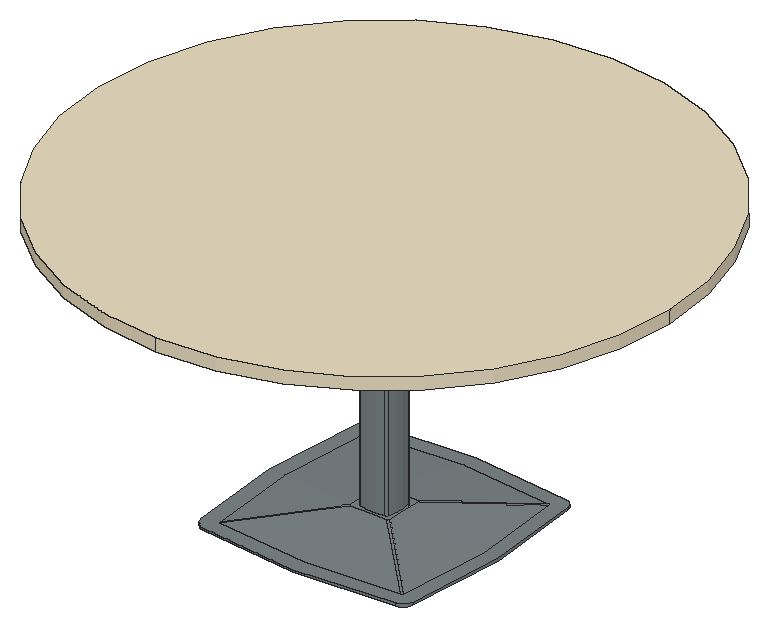
Revit family "FU_Table_Sandler_513-AX-VR", category Furniture, Revit 2020
Family settings
  OmniClass Number = 23.40.20.00
  OmniClass Title = General Furniture and Specialties
  Work Plane-Based = No
  Always vertical = Yes
  Cut with Voids When Loaded = No
  Shared = No
  Room Calculation Point = No
Parameters (values of type "513 AX-VR - 59" Round Top (150cm)")
  Width = 600 mm
  URL = "https://www.sandlerseating.com/product/513-ax-vr/"
  Top Size = FU_TableTops_MT Rnd : 59" Round (150cm)
  Top Elevation = Height  # 720 mm
  Top Finish [instance] = Wood - Beech - Honey Stained
  Model = "513 AX-VR"
  Manufacturer = "Sandler"
  Height = 720 mm
  Frame Finish [instance] = Metal - Paint -AL VR - Anthracite Grey
  Description = "Table base. Available in powdercoat painted finishes. Optional upcharge for outdoor version with galvanized-treated frame and adjustable feet.\r\nOptional upcharge for outdoor version with galvanized-treated frame and adjustable feet."
  Depth = Width  # 600 mm
  Default Elevation = 0 mm
Types (7, lengths in mm): name | Top Size | Top Finish | Frame Finish | Description
  (no name) | FU_TableTops_MT Rnd : 59" Round (150cm) | Wood - Beech - Honey Stained | Metal - Paint -AL VR - Anthracite Grey | "Table base. Available in powdercoat painted finishes. Optional upcharge for outdoor version with galvanized-treated frame and adjustable feet.\r\nOptional upcharge for outdoor version with galvanized-treated frame and adjustable feet."
  513 AX-VR - 55" Round Top (140cm) | FU_TableTops_MT Rnd : 55" Round (140cm) | Wood - Beech - Honey Stained | Metal - Paint -AL VR - Anthracite Grey | "Table base. Available in powdercoat painted finishes. Optional upcharge for outdoor version with galvanized-treated frame and adjustable feet.\r\nOptional upcharge for outdoor version with galvanized-treated frame and adjustable feet."
  513 AX-VR - 51" Round Top (130cm) | FU_TableTops_MT Rnd : 51" Round (130cm) | Wood - Beech - Chestnut Stained | Metal - Paint -AL VR - White Aluminium | "Table base. Available in powdercoat painted finishes. Optional upcharge for outdoor version with galvanized-treated frame and adjustable feet.\r\nOptional upcharge for outdoor version with galvanized-treated frame and adjustable feet."
  513 AX-VR - 47" Round Top (120cm) | FU_TableTops_MT Rnd : 47" Round (120cm) | Wood - Beech - Honey Stained | Metal - Paint -AL VR - Rough Metallic Bronze | "Table base. Available in powdercoat painted finishes. Optional upcharge for outdoor version with galvanized-treated frame and adjustable feet.\r\nOptional upcharge for outdoor version with galvanized-treated frame and adjustable feet."
  513 AX-VR - 40" Square Top (100cm) | FU_TableTops_MT Sqr : 40" Square (100cm) | Wood - Beech - Honey Stained | Metal - Paint -AL VR - Pure White | "Table base. Available in powdercoat painted finishes. Optional upcharge for outdoor version with galvanized-treated frame and adjustable feet.\r\nOptional upcharge for outdoor version with galvanized-treated frame and adjustable feet."
  513 AX-VR - 44" Square Top (110cm) | FU_TableTops_MT Sqr : 44" Square (110cm) | Wood - Beech - Honey Stained | Metal - Paint -AL VR - Pewter | "Table base. Available in powdercoat painted finishes.\r\nOptional upcharge for outdoor version with galvanized-treated frame and adjustable feet. Optional upcharge for outdoor version with galvanized-treated frame and adjustable feet."
  513 AX-VR - 59" Round Top (150cm) | FU_TableTops_MT Rnd : 59" Round (150cm) | Wood - Beech - Honey Stained | Metal - Paint -AL VR - Anthracite Grey | "Table base. Available in powdercoat painted finishes. Optional upcharge for outdoor version with galvanized-treated frame and adjustable feet.\r\nOptional upcharge for outdoor version with galvanized-treated frame and adjustable feet."
Reference planes
  plane 1 "Center (Front/Back)": y = 0
  plane 2: z = 0
  plane 3 "Center (Left/Right)": x = 0
  plane 4 "Right": x = -300
  plane 5 "Left": x = 300
  plane 6 "Back": y = 300
  plane 7 "Front": y = -300
  plane 8 "Height": z = 720
  plane 9 "Top Support": z = 693.5
  plane 10 "Glide Height": z = 3.5
  plane 11 "Base Base": z = 9.5
  plane 12 "Base Top": z = 33.5
  plane 13 "Pads Front": y = -258.367
  plane 14 "Pads Right": x = -258.367
  plane 15 "Pads Back": y = 258.367
  plane 16 "Pads Left": x = 258.367
Forms (mm)
  Revolve 1, solid, material "Rubber, Black"
    sketch origin (26.426, 258.367, 0) x (1, 0, 0) y (0, 0, 1)
      loop
        line (-284.687, 0) -> (-284.687, 3.5) -> (-292.687, 3.5) -> (-292.687, 2)
        arc (-292.687, 2) -> (-292.101, 0.586) -> (-290.687, 0) r 2
        line (-290.687, 0) -> (-284.687, 0)
      axis (-284.687, 3.5) -> (-284.687, 0)
    angle from 0 to 360
  Revolve 2, solid, material "Rubber, Black"
    sketch origin (-25.633, -258.367, 0) x (1, 0, 0) y (0, 0, 1)
      loop
        line (284, 0) -> (290, 0)
        arc (290, 0) -> (291.414, 0.586) -> (292, 2) r 2
        line (292, 2) -> (292, 3.5) -> (284, 3.5) -> (284, 0)
      axis (284, 3.5) -> (284, 0)
    angle from 0 to 360
  Revolve 3, solid, material "Rubber, Black"
    sketch origin (-258.367, 25.633, 0) x (0, 1, 0) y (0, 0, 1)
      loop
        line (-284, 3.5) -> (-292, 3.5) -> (-292, 2)
        arc (-292, 2) -> (-291.414, 0.586) -> (-290, 0) r 2
        line (-290, 0) -> (-284, 0) -> (-284, 3.5)
      axis (-284, 3.5) -> (-284, 0)
    angle from 0 to 360
  Revolve 4, solid, material "Rubber, Black"
    sketch origin (258.367, -25.508, 0) x (0, 1, 0) y (0, 0, 1)
      loop
        line (284, 3.5) -> (284, 0) -> (290, 0)
        arc (290, 0) -> (291.414, 0.586) -> (292, 2) r 2
        line (292, 2) -> (292, 3.5) -> (284, 3.5)
      axis (284, 3.5) -> (284, 0)
    angle from 0 to 360
  Extrusion 5, solid, material "Metal - Paint -AL VR - Anthracite Grey" <- "Frame Finish"
    sketch origin (0, 0, 3.5) x (-1, 0, 0) y (0, -1, 0)
      loop
        arc (38.144, -32.247) -> (42.5, 0) -> (38.145, 32.246) r 121.548
        arc (38.145, 32.246) -> (35.953, 36.009) -> (32.185, 38.192) r 8.5
        arc (32.185, 38.192) -> (0, 42.5) -> (-32.184, 38.194) r 122.405
        arc (-32.184, 38.194) -> (-35.952, 36.011) -> (-38.145, 32.248) r 8.5
        arc (-38.145, 32.248) -> (-42.5, 0) -> (-38.143, -32.248) r 121.548
        arc (-38.143, -32.248) -> (-35.951, -36.011) -> (-32.183, -38.194) r 8.5
        arc (-32.183, -38.194) -> (0, -42.5) -> (32.183, -38.193) r 122.405
        arc (32.183, -38.193) -> (35.951, -36.01) -> (38.144, -32.247) r 8.5
    from 0 to 690
  Extrusion 6, solid, material "Metal - Paint -AL VR - Anthracite Grey" <- "Frame Finish"
    sketch origin (0, 0, 720) x (-1, 0, 0) y (0, -1, 0)
      loop
        line (184, -179) -> (184, 179)
        arc (184, 179) -> (182.536, 182.536) -> (179, 184) r 5
        line (179, 184) -> (-179, 184)
        arc (-179, 184) -> (-182.536, 182.536) -> (-184, 179) r 5
        line (-184, 179) -> (-184, -179)
        arc (-184, -179) -> (-182.536, -182.536) -> (-179, -184) r 5
        line (-179, -184) -> (179, -184)
        arc (179, -184) -> (182.536, -182.536) -> (184, -179) r 5
    from 0 to -5
  Blend 7, solid, material "Metal - Paint -AL VR - Anthracite Grey" <- "Frame Finish"
    base sketch origin (0, 0, 693.5) x (-1, 0, 0) y (0, -1, 0)
      loop
        arc (140.731, 130.019) -> (137.802, 137.09) -> (130.731, 140.019) r 10
        line (130.731, 140.019) -> (-129.269, 140.019)
        arc (-129.269, 140.019) -> (-136.34, 137.09) -> (-139.269, 130.019) r 10
        line (-139.269, 130.019) -> (-139.269, -129.981)
        arc (-139.269, -129.981) -> (-136.34, -137.052) -> (-129.269, -139.981) r 10
        line (-129.269, -139.981) -> (130.731, -139.981)
        arc (130.731, -139.981) -> (137.802, -137.052) -> (140.731, -129.981) r 10
        line (140.731, -129.981) -> (140.731, 130.019)
    top sketch origin (0, 0, 693.5) x (-1, 0, 0) y (0, -1, 0)
      loop
        line (52, -45.5) -> (52, 45.524)
        arc (52, 45.524) -> (50.103, 50.103) -> (45.524, 52) r 6.476
        line (45.524, 52) -> (-45.5, 52)
        arc (-45.5, 52) -> (-50.096, 50.096) -> (-52, 45.5) r 6.5
        line (-52, 45.5) -> (-52, -45.5)
        arc (-52, -45.5) -> (-50.096, -50.096) -> (-45.5, -52) r 6.5
        line (-45.5, -52) -> (45.5, -52)
        arc (45.5, -52) -> (50.096, -50.096) -> (52, -45.5) r 6.5
    from 23.003 to 0
  Extrusion 8, void
    sketch origin (0, 0, 720) x (-1, 0, 0) y (0, -1, 0)
      loop
        circle (152.698, -152.698) r 3.599
      loop
        circle (-152.698, -152.698) r 3.599
      loop
        circle (152.699, 152.699) r 3.599
      loop
        circle (-152.717, 152.717) r 3.599
      loop
        circle (22.627, -22.627) r 3.5
      loop
        circle (-22.627, -22.627) r 3.5
      loop
        circle (22.627, 22.627) r 3.5
      loop
        circle (-22.627, 22.627) r 3.5
      loop
        circle (0, 21) r 2.5
      loop
        circle (0, 0) r 6.5
    from -26.5 to 0
  Extrusion 9, solid, material "Metal - Paint -AL VR - Anthracite Grey" <- "Frame Finish"
    sketch origin (0, 0, 3.5) x (-1, 0, 0) y (0, -1, 0)
      loop
        arc (254.009, -278.554) -> (270.192, -270.192) -> (278.554, -254.009) r 30
        arc (278.554, -254.009) -> (300, 0) -> (278.554, 254.009) r 1514.978
        arc (278.554, 254.009) -> (270.192, 270.192) -> (254.009, 278.554) r 30
        arc (254.009, 278.554) -> (0, 300) -> (-254.009, 278.554) r 1514.978
        arc (-254.009, 278.554) -> (-270.192, 270.192) -> (-278.554, 254.009) r 30
        arc (-278.554, 254.009) -> (-300, 0) -> (-278.554, -254.009) r 1514.978
        arc (-278.554, -254.009) -> (-270.192, -270.192) -> (-254.009, -278.554) r 30
        arc (-254.009, -278.554) -> (0, -300) -> (254.009, -278.554) r 1514.978
    from 0 to 6
  Blend 10, solid, material "Metal - Paint -AL VR - Anthracite Grey" <- "Frame Finish"
    base sketch origin (0, 0, 9.5) x (-1, 0, 0) y (0, -1, 0)
      loop
        arc (237.616, -242.121) -> (240.594, -240.594) -> (242.121, -237.616) r 5.457
        arc (242.121, -237.616) -> (261.424, 0) -> (242.121, 237.616) r 1472.152
        arc (242.121, 237.616) -> (240.594, 240.594) -> (237.616, 242.121) r 5.457
        arc (237.616, 242.121) -> (0, 261.424) -> (-237.616, 242.121) r 1472.152
        arc (-237.616, 242.121) -> (-240.594, 240.594) -> (-242.121, 237.616) r 5.457
        arc (-242.121, 237.616) -> (-261.424, 0) -> (-242.121, -237.616) r 1472.152
        arc (-242.121, -237.616) -> (-240.594, -240.594) -> (-237.616, -242.121) r 5.457
        arc (-237.616, -242.121) -> (0, -261.424) -> (237.616, -242.121) r 1472.152
    top sketch origin (0, 0, 9.5) x (-1, 0, 0) y (0, -1, 0)
      loop
        arc (47.484, -52.517) -> (51.02, -51.052) -> (52.484, -47.517) r 5
        line (52.484, -47.517) -> (52.484, 47.483)
        arc (52.484, 47.483) -> (51.02, 51.019) -> (47.484, 52.483) r 5
        line (47.484, 52.483) -> (-47.516, 52.483)
        arc (-47.516, 52.483) -> (-51.051, 51.019) -> (-52.516, 47.483) r 5
        line (-52.516, 47.483) -> (-52.516, -47.517)
        arc (-52.516, -47.517) -> (-51.051, -51.052) -> (-47.516, -52.517) r 5
        line (-47.516, -52.517) -> (47.484, -52.517)
    from 0 to 24
Cuts and joins
  Extrusion 8 cuts Extrusion 6
  Extrusion 8 cuts Blend 7
Dimensions and locks
  equal spacing: plane 4 "Right", plane 3 "Center (Left/Right)", plane 5 "Left"
  "Width": plane 4 "Right" to plane 5 "Left"
  equal spacing: plane 6 "Back", plane 1 "Center (Front/Back)", plane 7 "Front"
  "Depth": plane 6 "Back" to plane 7 "Front"
  "Height": plane 8 "Height" to level
  locked: plane 8 "Height" to plane 9 "Top Support" at 26.5
  locked: plane 13 "Pads Front" to plane 7 "Front" at 41.633
  locked: plane 4 "Right" to plane 14 "Pads Right" at 41.633
  locked: plane 6 "Back" to plane 15 "Pads Back" at 41.633
  locked: plane 16 "Pads Left" to plane 5 "Left" at 41.633
  aligned and locked: level to plane 2
  aligned and locked: Extrusion 5 to plane 10 "Glide Height"
  aligned and locked: plane 9 "Top Support" to Extrusion 5
  aligned and locked: Blend 7 to plane 9 "Top Support"
  aligned and locked: plane 9 "Top Support" to Blend 7  (x4)
  aligned and locked: Extrusion 8 to plane 9 "Top Support"
  aligned and locked: plane 8 "Height" to Extrusion 8
Automatic sketch dimensions
  plane 3 "Center (Left/Right)" to Blend 7 sketch curve = 52 mm
  Blend 7 sketch curve to Blend 7 sketch curve = 6.5 mm  (x2)
  Blend 7 sketch curve to plane 3 "Center (Left/Right)" = 45.5 mm
  Blend 7 sketch curve to plane 3 "Center (Left/Right)" = 45.524 mm
  Blend 7 sketch curve to Blend 7 sketch curve = 6.476 mm
  Blend 7 sketch curve to plane 1 "Center (Front/Back)" = 52 mm
  plane 1 "Center (Front/Back)" to Blend 7 sketch curve = 45.5 mm
  Extrusion 8 sketch curve to plane 3 "Center (Left/Right)" = 0 mm  (x2)
  plane 1 "Center (Front/Back)" to Extrusion 8 sketch curve = 0 mm
  plane 3 "Center (Left/Right)" to Extrusion 8 sketch curve = 22.627 mm  (x2)
  Extrusion 8 sketch curve to plane 3 "Center (Left/Right)" = 22.627 mm  (x2)
  Extrusion 8 sketch curve to plane 1 "Center (Front/Back)" = 22.627 mm  (x2)
  plane 1 "Center (Front/Back)" to Extrusion 8 sketch curve = 21 mm
  plane 1 "Center (Front/Back)" to Extrusion 8 sketch curve = 22.627 mm  (x2)
  plane 7 "Front" to Extrusion 8 sketch curve = 147.301 mm
  plane 7 "Front" to Extrusion 8 sketch curve = 147.283 mm
  Extrusion 8 sketch curve to plane 4 "Right" = 147.302 mm
  Extrusion 8 sketch curve to plane 4 "Right" = 147.301 mm
  plane 5 "Left" to Extrusion 8 sketch curve = 147.283 mm
  plane 5 "Left" to Extrusion 8 sketch curve = 147.302 mm
  Extrusion 8 sketch curve to plane 6 "Back" = 147.302 mm  (x2)
  Revolve 1 sketch curve to plane 10 "Glide Height" = 0 mm
  Revolve 1 sketch curve to level = 0 mm
  plane 10 "Glide Height" to Revolve 1 sketch curve = 1.5 mm
  plane 4 "Right" to Revolve 1 sketch curve = 33.739 mm
  Revolve 1 sketch curve to Revolve 1 sketch curve = 6 mm
  Revolve 1 sketch curve to Revolve 1 sketch curve = 0 mm
  level to Revolve 1 sketch curve = 10.049 mm
  plane 11 "Base Base" to Revolve 1 sketch curve = 2.095 mm
  Revolve 4 sketch curve to plane 10 "Glide Height" = 0 mm
  Revolve 4 sketch curve to level = 0 mm
  plane 6 "Back" to Revolve 4 sketch curve = 41.508 mm
  plane 10 "Glide Height" to Revolve 4 sketch curve = 1.5 mm
  Revolve 4 sketch curve to Revolve 4 sketch curve = 6 mm
  plane 11 "Base Base" to Revolve 4 sketch curve = 1.201 mm
  Revolve 4 sketch curve to Revolve 4 sketch curve = 0 mm
  level to Revolve 4 sketch curve = 5.787 mm
  Revolve 3 sketch curve to plane 10 "Glide Height" = 0 mm
  Revolve 3 sketch curve to level = 0 mm
  plane 7 "Front" to Revolve 3 sketch curve = 33.633 mm
  Revolve 3 sketch curve to Revolve 3 sketch curve = 2 mm
  Revolve 3 sketch curve to Revolve 3 sketch curve = 6 mm
  Revolve 3 sketch curve to plane 11 "Base Base" = 1.201 mm
  Revolve 3 sketch curve to Revolve 3 sketch curve = 0 mm
  Revolve 3 sketch curve to level = 5.787 mm
  Revolve 2 sketch curve to level = 0 mm
  Revolve 2 sketch curve to plane 10 "Glide Height" = 0 mm
  plane 5 "Left" to Revolve 2 sketch curve = 41.633 mm
  Revolve 2 sketch curve to plane 10 "Glide Height" = 1.5 mm
  Revolve 2 sketch curve to Revolve 2 sketch curve = 6 mm
  Revolve 2 sketch curve to Revolve 2 sketch curve = 0 mm
  Revolve 2 sketch curve to level = 10.049 mm
  Revolve 2 sketch curve to plane 11 "Base Base" = 2.095 mm
  plane 1 "Center (Front/Back)" to Extrusion 9 sketch curve = 0 mm  (x2)
  Extrusion 9 sketch curve to plane 3 "Center (Left/Right)" = 0 mm  (x2)
  plane 16 "Pads Left" to Extrusion 9 sketch curve = 9.388 mm  (x2)
  Extrusion 9 sketch curve to plane 5 "Left" = 914.978 mm
  plane 14 "Pads Right" to Extrusion 9 sketch curve = 9.388 mm  (x2)
  plane 4 "Right" to Extrusion 9 sketch curve = 914.978 mm
  Extrusion 9 sketch curve to plane 15 "Pads Back" = 9.388 mm  (x2)
  plane 6 "Back" to Extrusion 9 sketch curve = 914.978 mm
  Extrusion 9 sketch curve to plane 13 "Pads Front" = 9.388 mm  (x2)
  Extrusion 9 sketch curve to plane 7 "Front" = 914.978 mm
  plane 16 "Pads Left" to Extrusion 9 sketch curve = 4.358 mm  (x2)
  Extrusion 9 sketch curve to Extrusion 9 sketch curve = 0 mm  (x6)
  plane 1 "Center (Front/Back)" to Blend 10 sketch curve = 0 mm  (x2)
  Blend 10 sketch curve to plane 3 "Center (Left/Right)" = 0 mm  (x2)
  plane 16 "Pads Left" to Blend 10 sketch curve = 21.632 mm  (x2)
  Blend 10 sketch curve to plane 5 "Left" = 910.728 mm
  plane 14 "Pads Right" to Blend 10 sketch curve = 21.632 mm  (x2)
  plane 4 "Right" to Blend 10 sketch curve = 910.728 mm
  Blend 10 sketch curve to plane 15 "Pads Back" = 21.632 mm  (x2)
  plane 6 "Back" to Blend 10 sketch curve = 910.728 mm
  Blend 10 sketch curve to plane 13 "Pads Front" = 21.632 mm  (x2)
  Blend 10 sketch curve to plane 7 "Front" = 910.728 mm
  Blend 10 sketch curve to Blend 10 sketch curve = 0.881 mm  (x2)
  Blend 10 sketch curve to Blend 10 sketch curve = 0 mm  (x6)
  plane 3 "Center (Left/Right)" to Blend 10 sketch curve = 52.516 mm
  Blend 10 sketch curve to Blend 10 sketch curve = 5 mm  (x3)
  Blend 10 sketch curve to plane 3 "Center (Left/Right)" = 47.484 mm  (x2)
  Blend 10 sketch curve to plane 1 "Center (Front/Back)" = 52.517 mm
  plane 1 "Center (Front/Back)" to Blend 10 sketch curve = 47.483 mm
  plane 16 "Pads Left" to Extrusion 6 sketch curve = 74.367 mm
  Extrusion 6 sketch curve to Extrusion 6 sketch curve = 5 mm  (x3)
  plane 14 "Pads Right" to Extrusion 6 sketch curve = 79.367 mm  (x2)
  Extrusion 6 sketch curve to plane 15 "Pads Back" = 74.367 mm
  Extrusion 6 sketch curve to plane 13 "Pads Front" = 79.367 mm
  plane 16 "Pads Left" to Blend 7 sketch curve = 119.098 mm
  Blend 7 sketch curve to Blend 7 sketch curve = 10 mm  (x3)
  plane 14 "Pads Right" to Blend 7 sketch curve = 127.636 mm  (x2)
  Blend 7 sketch curve to plane 15 "Pads Back" = 118.386 mm
  Blend 7 sketch curve to plane 13 "Pads Front" = 128.348 mm
  plane 1 "Center (Front/Back)" to Extrusion 5 sketch curve = 0.002 mm  (x2)
  plane 3 "Center (Left/Right)" to Extrusion 5 sketch curve = 79.048 mm
  plane 3 "Center (Left/Right)" to Extrusion 5 sketch curve = 29.948 mm
  plane 3 "Center (Left/Right)" to Extrusion 5 sketch curve = 29.949 mm
  plane 3 "Center (Left/Right)" to Extrusion 5 sketch curve = 0.002 mm  (x2)
  Extrusion 5 sketch curve to plane 3 "Center (Left/Right)" = 29.948 mm
  Extrusion 5 sketch curve to plane 3 "Center (Left/Right)" = 29.95 mm
  Extrusion 5 sketch curve to Extrusion 5 sketch curve = 49.099 mm
  Extrusion 5 sketch curve to plane 1 "Center (Front/Back)" = 29.992 mm
  Extrusion 5 sketch curve to plane 1 "Center (Front/Back)" = 29.993 mm
  Extrusion 5 sketch curve to Extrusion 5 sketch curve = 49.912 mm
  plane 1 "Center (Front/Back)" to Extrusion 5 sketch curve = 29.993 mm
  plane 1 "Center (Front/Back)" to Extrusion 5 sketch curve = 29.992 mm
  Extrusion 5 sketch curve to Extrusion 5 sketch curve = 49.913 mm
  plane 1 "Center (Front/Back)" to Extrusion 5 sketch curve = 32.248 mm
  Extrusion 5 sketch curve to Extrusion 5 sketch curve = 0 mm  (x7)
  radius of Extrusion 8 sketch curve = 3.599 mm  (x4)
  radius of Extrusion 8 sketch curve = 3.5 mm  (x4)
  radius of Extrusion 8 sketch curve = 2.5 mm
  radius of Extrusion 8 sketch curve = 6.5 mm
Nested families
  nested 1: "FU_TableTops_MT Rnd" at (0, 0, 0), Top Elevation <- "Top Elevation", type <- "Top Size", type "59" Round (150cm)"
    with Top Finish Wood - Beech - Honey Stained, Top Elevation 720 mm
Definition of nested family "FU_TableTops_MT Rnd"
  Parameters (values of type "59" Round (150cm)")
    Width = 1500 mm
    Top Finish [instance] = none
    Top Elevation [instance] = 1100 mm
    Depth = Width  # 1500 mm
    Default Elevation = 0 mm
  Types (10, lengths in mm): name | Width | Depth
    24" Round (60cm) | 600 | 600
    28" Round (70cm) | 700 | 700
    32" Round (80cm) | 800 | 800
    36" Round (90cm) | 900 | 900
    40" Round (100cm) | 1000 | 1000
    44" Round (110cm) | 1100 | 1100
    47" Round (120cm) | 1200 | 1200
    51" Round (130cm) | 1300 | 1300
    55" Round (140cm) | 1400 | 1400
    59" Round (150cm) | 1500 | 1500
  Reference planes
    plane 1 "Center (Front/Back)": y = 0
    plane 2: z = 0
    plane 3 "Center (Left/Right)": x = 0
    plane 4 "Right": x = -750
    plane 5 "Left": x = 750
    plane 6 "Back": y = 750
    plane 7 "Front": y = -750
    plane 8 "Elevation": z = 1100
    plane 9 "Top Height": z = 1131.75
  Forms (mm)
    Extrusion 1, solid, material <- "Top Finish"
      sketch origin (0, 0, 1100) x (-1, 0, 0) y (0, -1, 0)
        loop
          arc (0, -750) -> (530.33, -530.33) -> (750, 0) r 750
          arc (750, 0) -> (530.33, 530.33) -> (0, 750) r 750
          arc (0, 750) -> (-530.33, 530.33) -> (-750, 0) r 750
          arc (-750, 0) -> (-530.33, -530.33) -> (0, -750) r 750
      from 0 to 31.75
  Dimensions and locks
    equal spacing: plane 4 "Right", plane 3 "Center (Left/Right)", plane 5 "Left"
    "Width": plane 4 "Right" to plane 5 "Left"
    equal spacing: plane 6 "Back", plane 1 "Center (Front/Back)", plane 7 "Front"
    "Depth": plane 6 "Back" to plane 7 "Front"
    "Top Elevation": plane 8 "Elevation" to level
    locked: plane 9 "Top Height" to plane 8 "Elevation" at 31.75
    aligned and locked: level to plane 2
    aligned and locked: plane 9 "Top Height" to Extrusion 1
  Automatic sketch dimensions
    Extrusion 1 sketch curve to Extrusion 1 sketch curve = 0 mm  (x7)
    plane 1 "Center (Front/Back)" to Extrusion 1 sketch curve = 0 mm  (x2)
    Extrusion 1 sketch curve to plane 5 "Left" = 0 mm
    Extrusion 1 sketch curve to plane 3 "Center (Left/Right)" = 0 mm  (x3)
    Extrusion 1 sketch curve to plane 6 "Back" = 0 mm
